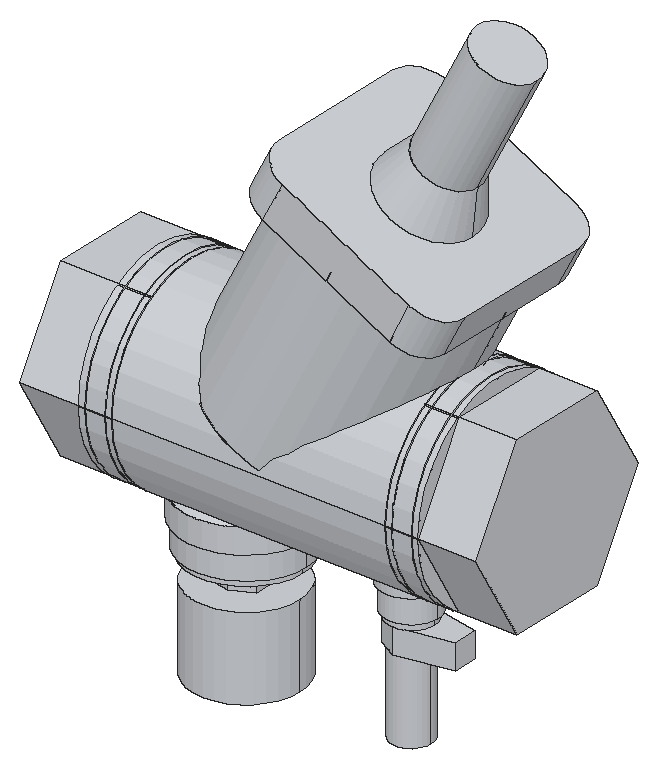
Revit family "Sigma_Compact_DN050_RFA_2019", category Pipe Accessories, Revit 2019
Family settings
  Round Connector Dimension = Use Diameter
  Part Type = Valve - Breaks Into
  Work Plane-Based = No
  Always vertical = Yes
  Cut with Voids When Loaded = No
  Shared = No
Parameters (values of type "Sigma Compact DN 50 s měřením")
  magiProductId = "620459ae7aa94407adeea4e77bc07b"
  magiProductFamilyId = "3fdb776034814e15a56dcfd1ac03e4"
  magiPartTypeId = 304
  isMeasuringValve [instance] = no
  ang2D [instance] = 0.00°
  Z6 = 39.3 mm
  Z5 = 91.7 mm
  Z4 = 78.6 mm
  Z3 = 13.1 mm
  Z2 = 65.5 mm
  XR2 = 37.5 mm
  XR1 = 25.5 mm
  W2D = 32 mm
  VersionID = "2.0/2018.12.13.2/FRESE_SIGMA_PLUG_Q13_001"
  Use Minimum Symbol Size [instance] = no
  URL = "www.hydronix.cz"
  Type Comments = "závitový; vnitřní závit; PN25; max dp=400kPa; -10~+120°C; max uzavírací tlak 1MPa"
  R4 = 15 mm
  R3 = 10 mm
  R2 = 30.5 mm
  R1 = 31.5 mm
  QmdConnectorList = "301;D;302;D"
  Productdata [instance] = ""
  NL__ve = -NL  # -27.6 mm
  NL = 27.6 mm
  Manufacturer = "Hydronix"
  MC Use Limits From Balancing Method = no
  MC Throttling Minimum Value = 0
  MC Throttling Maximum Value = 0
  MC Product Code = "53-2207 DN50 FF s měřením; (900-10350 l/h); kvs=20,3"
  MC Pressure Drop Minimum Value = 0.0 Pa
  MC Pressure Drop Maximum Value = 0.0 Pa
  MC Piping Given Pressure Drop [instance] = 0.0 Pa
  M5 = 51.4 mm
  M4 = 49.4 mm
  M3 = 43.4 mm
  M2 = 41.4 mm
  LP = 69 mm
  LM = 82.8 mm
  LL__ve = -LL  # -7.6 mm
  LLT__ve = -LLT  # -28.2 mm
  LLT = 28.2 mm
  LLL = 11 mm
  LL3 = 60 mm
  LL2 = 51 mm
  LL = 7.6 mm
  L3 = 25 mm
  L2D_Min = 30.48 mm
  L2D = 82.4 mm
  Description = "Automatický vyvažovací ventil"
  DR1 = no
  DR0 = yes
  DL2 = 85 mm
  D = 50 mm
  CenSd_R2_6 = R2 * cos(30.00°)  # 26.414 mm
  CAT0 = yes
  C0D1 = no
  C0D0 = yes
Types (3, lengths in mm): name | magiProductId | Z6 | Z5 | Z4 | Z3 | Z2 | NL__ve | NL | MC Product Code | M5 | M4 | M3 | M2 | LP | LM | LL__ve | LLT__ve | LLT | LL3 | LL2 | LL | DL2 | D
  Sigma Compact DN 32 s měřením | "7bc6b6dac0dd45edbe26d667b48f95" | 33 | 77 | 66 | 11 | 55 | -20.8 | 20.8 | "53-2206 DN32 FF s měřením; (200-5000 l/h); kvs=10,9" | 41.2 | 39.2 | 33.2 | 31.2 | 52 | 62.4 | -6.8 | -22.6 | 22.6 | 52 | 43 | 6.8 | 77 | 32
  Sigma Compact DN 40 s měřením | "4e1b5a17d6804847bd559f7e701d18" | 39.3 | 91.7 | 78.6 | 13.1 | 65.5 | -27.6 | 27.6 | "53-2206 DN40 FF s měřením; (719-7400 l/h); kvs=18,0" | 51.4 | 49.4 | 43.4 | 41.4 | 69 | 82.8 | -7 | -24 | 24 | 54 | 45 | 7 | 79 | 40
  Sigma Compact DN 50 s měřením | "620459ae7aa94407adeea4e77bc07b" | 39.3 | 91.7 | 78.6 | 13.1 | 65.5 | -27.6 | 27.6 | "53-2207 DN50 FF s měřením; (900-10350 l/h); kvs=20,3" | 51.4 | 49.4 | 43.4 | 41.4 | 69 | 82.8 | -7.6 | -28.2 | 28.2 | 60 | 51 | 7.6 | 85 | 50
Reference planes
  plane 1 "Center (Front/Back)": y = 0
  plane 2 "XYPLANE": z = 0
  plane 3 "Center (Left/Right)": x = 0
  plane 4 "408": x = 69
  plane 5 "407": x = -69
  plane 6 "404": z = -52.4
  plane 7 "403": z = -60
  plane 8 "402": z = -85
  plane 9 "213": x = -25
  plane 10 "168": z = -24.2
  plane 11 "167": z = -26.2
  plane 12 "166": z = -33.8
  plane 13 "165": z = -41.4
  plane 14 "164": z = -43.4
  plane 15 "154": z = 0
  plane 16 "152": y = 0
  plane 17 "151": z = -51
  plane 18 "150": x = 25
  plane 19 "75": through (307.08, 0, 685.28) normal (0.891, 0, -0.454)
  plane 20 "74": x = 51.4
  plane 21 "73": x = 49.4
  plane 22 "72": x = 43.4
  plane 23 "71": x = 41.4
  plane 24 "70": x = -51.4
  plane 25 "69": x = -49.4
  plane 26 "68": x = -43.4
  plane 27 "67": y = 0
  plane 28 "66": through (-666.893, 0, 343.166) normal (0.454, 0, 0.891)
  plane 29 "65": x = -41.4
  plane 30 "64": through (335.147, 0, 670.979) normal (0.891, 0, -0.454)
  plane 31 "63": through (-638.519, 0, 398.854) normal (0.454, 0, 0.891)
  plane 32 "62": through (363.214, 0, 656.678) normal (0.891, 0, -0.454)
  plane 33 "61": y = 31.5
  plane 34 "60": y = -31.5
  plane 35 "59": through (-632.571, 0, 410.526) normal (0.454, 0, 0.891)
  plane 36 "58": through (-626.624, 0, 422.198) normal (0.454, 0, 0.891)
  plane 37 "56": x = 0
  plane 38 "55": through (-668.255, 0, 340.493) normal (0.454, 0, 0.891)
  plane 39 "102XY": through (-668.255, 0, 340.493) normal (0.454, 0, 0.891)
  plane 40 "102XZ": y = 0
  plane 41 "102YZ": through (340.493, 0, 668.255) normal (0.891, 0, -0.454)
Forms (mm)
  Extrusion 1, solid
    sketch origin (69, -750, 0) x (0, 1, 0) y (0, 0, 1)
      loop
        line (780.5, 0) -> (765.25, 26.414) -> (734.75, 26.414) -> (719.5, 0) -> (734.75, -26.414) -> (765.25, -26.414) -> (780.5, 0)
    from 0 to -27.6 <- "NL__ve"
  Extrusion 2, solid
    sketch origin (-69, -750, 0) x (0, 1, 0) y (0, 0, 1)
      loop
        line (719.5, 0) -> (734.75, -26.414) -> (765.25, -26.414) -> (780.5, 0) -> (765.25, 26.414) -> (734.75, 26.414) -> (719.5, 0)
    from 0 to 27.6 <- "NL"
  Extrusion 3, solid, visible <- "C0D1"
    sketch origin (-750, 0, -85) x (1, 0, 0) y (0, 1, 0)
      loop
        circle (725, 0) r 17.2
    from 0 to 50
  Extrusion 4, solid, visible <- "DR1"
    sketch origin (-750, 0, -52.4) x (1, 0, 0) y (0, 1, 0)
      loop
        line (725, -8) -> (731.928, -4) -> (731.928, 4) -> (725, 8) -> (707.872, 4) -> (707.872, -4) -> (725, -8)
    from 0 to -7.6 <- "LL__ve"
  Extrusion 5, solid, visible <- "DR1"
    sketch origin (-750, 0, -52.4) x (1, 0, 0) y (0, 1, 0)
      loop
        circle (725, 0) r 18.2
    from 0 to 11 <- "LLL"
  Extrusion 6, solid, visible <- "DR1"
    sketch origin (-750, 0, -41.4) x (1, 0, 0) y (0, 1, 0)
      loop
        circle (725, 0) r 19.2
    from 0 to 7.6 <- "LL"
  Extrusion 7, solid, visible <- "DR1"
    sketch origin (-750, 0, -33.8) x (1, 0, 0) y (0, 1, 0)
      loop
        circle (725, 0) r 20.2
    from 0 to 7.6 <- "LL"
  Blend 8, solid, visible <- "DR1"
    base sketch origin (-750, 0, -24.2) x (1, 0, 0) y (0, 1, 0)
      loop
        circle (725, 0) r 17.7
    top sketch origin (-750, 0, -24.2) x (1, 0, 0) y (0, 1, 0)
      loop
        circle (725, 0) r 20.2
    from 0 to -2
  Extrusion 9, solid, visible <- "DR1"
    sketch origin (-750, 0, 0) x (1, 0, 0) y (0, 1, 0)
      loop
        circle (725, 0) r 17.7
    from 0 to -28.2 <- "LLT__ve"
  Extrusion 10, solid, visible <- "C0D0"
    sketch origin (-750, 0, -51) x (1, 0, 0) y (0, 1, 0)
      loop
        circle (725, 0) r 16.2
    from 0 to -25
  Extrusion 11, solid, visible <- "DR0"
    sketch origin (-750, 0, -43.4) x (1, 0, 0) y (0, 1, 0)
      loop
        line (725, -7) -> (731.062, -3.5) -> (731.062, 3.5) -> (725, 7) -> (708.738, 3.5) -> (708.738, -3.5) -> (725, -7)
    from 0 to -7.6 <- "LL__ve"
  Extrusion 12, solid, visible <- "DR0"
    sketch origin (-750, 0, -43.4) x (1, 0, 0) y (0, 1, 0)
      loop
        circle (725, 0) r 17.2
    from 0 to 2
  Extrusion 13, solid, visible <- "DR0"
    sketch origin (-750, 0, -33.8) x (1, 0, 0) y (0, 1, 0)
      loop
        circle (725, 0) r 19.2
    from 0 to 7.6 <- "LL"
  Blend 14, solid, visible <- "DR0"
    base sketch origin (-750, 0, -24.2) x (1, 0, 0) y (0, 1, 0)
      loop
        circle (725, 0) r 16.7
    top sketch origin (-750, 0, -24.2) x (1, 0, 0) y (0, 1, 0)
      loop
        circle (725, 0) r 19.2
    from 0 to -2
  Extrusion 15, solid, visible <- "DR0"
    sketch origin (-750, 0, 0) x (1, 0, 0) y (0, 1, 0)
      loop
        circle (725, 0) r 16.7
    from 0 to -28.2 <- "LLT__ve"
  Extrusion 16, solid, visible <- "DR0"
    sketch origin (-750, 0, 0) x (1, 0, 0) y (0, 1, 0)
      loop
        circle (725, 0) r 16.7
    from 0 to -28.2 <- "LLT__ve"
  Blend 17, solid, visible <- "DR0"
    base sketch origin (-750, 0, -24.2) x (1, 0, 0) y (0, 1, 0)
      loop
        circle (725, 0) r 16.7
    top sketch origin (-750, 0, -24.2) x (1, 0, 0) y (0, 1, 0)
      loop
        circle (725, 0) r 19.2
    from 0 to -2
  Extrusion 18, solid, visible <- "DR0"
    sketch origin (-750, 0, -33.8) x (1, 0, 0) y (0, 1, 0)
      loop
        circle (725, 0) r 19.2
    from 0 to 7.6 <- "LL"
  Extrusion 19, solid, visible <- "DR0"
    sketch origin (-750, 0, -41.4) x (1, 0, 0) y (0, 1, 0)
      loop
        circle (725, 0) r 18.2
    from 0 to 7.6 <- "LL"
  Extrusion 20, solid, visible <- "DR0"
    sketch origin (-750, 0, -43.4) x (1, 0, 0) y (0, 1, 0)
      loop
        circle (725, 0) r 17.2
    from 0 to 2
  Extrusion 21, solid, visible <- "DR0"
    sketch origin (-750, 0, -43.4) x (1, 0, 0) y (0, 1, 0)
      loop
        line (725, -7) -> (731.062, -3.5) -> (731.062, 3.5) -> (725, 7) -> (708.738, 3.5) -> (708.738, -3.5) -> (725, -7)
    from 0 to -7.6 <- "LL__ve"
  Extrusion 22, solid, visible <- "C0D0"
    sketch origin (-750, 0, -51) x (1, 0, 0) y (0, 1, 0)
      loop
        circle (725, 0) r 16.2
    from 0 to -25
  Extrusion 23, solid, visible <- "CAT0"
    sketch origin (-750, 0, -51) x (1, 0, 0) y (0, 1, 0)
      loop
        circle (775, 0) r 6
    from 0 to -25
  Extrusion 24, solid
    sketch origin (-750, 0, -43.4) x (1, 0, 0) y (0, 1, 0)
      loop
        line (775, -7) -> (791.262, -3.5) -> (791.262, 3.5) -> (775, 7) -> (768.938, 3.5) -> (768.938, -3.5) -> (775, -7)
    from 0 to -7.6 <- "LL__ve"
  Extrusion 25, solid
    sketch origin (-750, 0, -43.4) x (1, 0, 0) y (0, 1, 0)
      loop
        circle (775, 0) r 7
    from 0 to 2
  Extrusion 26, solid
    sketch origin (-750, 0, -41.4) x (1, 0, 0) y (0, 1, 0)
      loop
        circle (775, 0) r 8
    from 0 to 7.6 <- "LL"
  Extrusion 27, solid
    sketch origin (-750, 0, -33.8) x (1, 0, 0) y (0, 1, 0)
      loop
        circle (775, 0) r 9
    from 0 to 7.6 <- "LL"
  Blend 28, solid
    base sketch origin (-750, 0, -24.2) x (1, 0, 0) y (0, 1, 0)
      loop
        circle (775, 0) r 6.5
    top sketch origin (-750, 0, -24.2) x (1, 0, 0) y (0, 1, 0)
      loop
        circle (775, 0) r 9
    from 0 to -2
  Extrusion 29, solid
    sketch origin (-750, 0, 0) x (1, 0, 0) y (0, 1, 0)
      loop
        circle (775, 0) r 6.5
    from 0 to -28.2 <- "LLT__ve"
  Blend 30, solid, visible <- "CAT0"
    base sketch origin (49.4, -750, 0) x (0, 1, 0) y (0, 0, 1)
      loop
        circle (750, 0) r 30.5
    top sketch origin (49.4, -750, 0) x (0, 1, 0) y (0, 0, 1)
      loop
        circle (750, 0) r 30.5
    from 0 to 2
  Extrusion 31, solid, visible <- "CAT0"
    sketch origin (43.4, -750, 0) x (0, 1, 0) y (0, 0, 1)
      loop
        circle (750, 0) r 30.5
    from 0 to 6
  Blend 32, solid, visible <- "CAT0"
    base sketch origin (41.4, -750, 0) x (0, 1, 0) y (0, 0, 1)
      loop
        circle (750, 0) r 30.5
    top sketch origin (41.4, -750, 0) x (0, 1, 0) y (0, 0, 1)
      loop
        circle (750, 0) r 30.5
    from 0 to 2
  Blend 33, solid, visible <- "CAT0"
    base sketch origin (-49.4, -750, 0) x (0, 1, 0) y (0, 0, 1)
      loop
        circle (750, 0) r 30.5
    top sketch origin (-49.4, -750, 0) x (0, 1, 0) y (0, 0, 1)
      loop
        circle (750, 0) r 30.5
    from 0 to -2
  Extrusion 34, solid, visible <- "CAT0"
    sketch origin (-49.4, -750, 0) x (0, 1, 0) y (0, 0, 1)
      loop
        circle (750, 0) r 30.5
    from 0 to 6
  Blend 35, solid, visible <- "CAT0"
    base sketch origin (-43.4, -750, 0) x (0, 1, 0) y (0, 0, 1)
      loop
        circle (750, 0) r 30.5
    top sketch origin (-43.4, -750, 0) x (0, 1, 0) y (0, 0, 1)
      loop
        circle (750, 0) r 30.5
    from 0 to 2
  Extrusion 36, solid, visible <- "CAT0"
    sketch origin (-41.4, -750, 0) x (0, 1, 0) y (0, 0, 1)
      loop
        circle (750, 0) r 30.5
    from 0 to 82.8 <- "LM"
  Extrusion 37, solid, visible <- "CAT0"
    sketch origin (-666.893, 0, 343.166) x (0.891007, 0, -0.45399) y (0, 1, 0)
      loop
        circle (744, 0) r 31.5
    from 0 to 65.5 <- "Z2"
  Extrusion 38, solid, visible <- "CAT0"
    sketch origin (-638.519, 0, 398.854) x (0.891007, 0, -0.45399) y (0, 1, 0)
      loop
        arc (722.5, 31.5) -> (715.429, 28.571) -> (712.5, 21.5) r 10
        line (712.5, 21.5) -> (712.5, -21.5)
        arc (712.5, -21.5) -> (715.429, -28.571) -> (722.5, -31.5) r 10
        line (722.5, -31.5) -> (765.5, -31.5)
        arc (765.5, -31.5) -> (772.571, -28.571) -> (775.5, -21.5) r 10
        line (775.5, -21.5) -> (775.5, 21.5)
        arc (775.5, 21.5) -> (772.571, 28.571) -> (765.5, 31.5) r 10
        line (765.5, 31.5) -> (722.5, 31.5)
    from 0 to 13.1 <- "Z3"
  Blend 39, solid, visible <- "CAT0"
    base sketch origin (-632.571, 0, 410.526) x (0.891007, 0, -0.45399) y (0, 1, 0)
      loop
        circle (744, 0) r 15
    top sketch origin (-632.571, 0, 410.526) x (0.891007, 0, -0.45399) y (0, 1, 0)
      loop
        circle (744, 0) r 10
    from 0 to 13.1
  Extrusion 40, solid, visible <- "CAT0"
    sketch origin (-626.624, 0, 422.198) x (0.891007, 0, -0.45399) y (0, 1, 0)
      loop
        circle (744, 0) r 10
    from 0 to 39.3 <- "Z6"
  Blend 41, solid, visible <- "CAT0"
    base sketch origin (-668.255, 0, 340.493) x (0.891007, 0, -0.45399) y (0, 1, 0)
      loop
        circle (744, 0) r 15
    top sketch origin (-668.255, 0, 340.493) x (0.891007, 0, -0.45399) y (0, 1, 0)
      loop
        circle (744, 0) r 31.5
    from 0 to 3
  Extrusion 42, solid, not visible
    sketch origin (-51.4, -750, 0) x (0, 1, 0) y (0, 0, 1)
      loop
        circle (750, 0) r 10
    from 0 to 10
  Extrusion 43, solid, not visible
    sketch origin (51.4, -750, 0) x (0, 1, 0) y (0, 0, 1)
      loop
        circle (750, 0) r 10
    from 0 to -10
Lines and regions (mm)
  reference lines, not visible
    curve 1: circle (2, 2, 0) r 1 normal (0, 0, 1)
  reference lines
    curve 2: line (69, 0, 0) -> (69, -7.625, 13.207)
    curve 3: line (69, 0, 0) -> (69, -15.25, 0)
    curve 4: line (69, 0, 0) -> (69, -7.625, -13.207)
    curve 5: line (-69, 0, 0) -> (-69, 7.625, 13.207)
    curve 6: line (-69, 0, 0) -> (-69, 15.25, 0)
    curve 7: line (-69, 0, 0) -> (-69, 7.625, -13.207)
Dimensions and locks
  plane 1 "Center (Front/Back)" to curve 1 = 2 mm
  "LP": plane 37 "56" to plane 4 "408"
  "LP": plane 37 "56" to plane 5 "407"
  "LL": plane 7 "403" to plane 6 "404"
  "LL3": plane 2 "XYPLANE" to plane 7 "403"
  "DL2": plane 2 "XYPLANE" to plane 8 "402"
  "L3": plane 3 "Center (Left/Right)" to plane 9 "213"
  locked: plane 11 "167" to plane 10 "168" at 2
  "LL": plane 12 "166" to plane 11 "167"
  "LL": plane 13 "165" to plane 12 "166"
  locked: plane 14 "164" to plane 13 "165" at 2
  "LL": plane 17 "151" to plane 14 "164"
  locked: plane 2 "XYPLANE" to plane 15 "154"
  locked: plane 1 "Center (Front/Back)" to plane 16 "152"
  "LL2": plane 2 "XYPLANE" to plane 17 "151"
  "L3": plane 3 "Center (Left/Right)" to plane 18 "150"
  "XR2": plane 41 "102YZ" to plane 19 "75"
  "M5": plane 3 "Center (Left/Right)" to plane 20 "74"
  "M4": plane 3 "Center (Left/Right)" to plane 21 "73"
  "M3": plane 3 "Center (Left/Right)" to plane 22 "72"
  "M2": plane 3 "Center (Left/Right)" to plane 23 "71"
  "M5": plane 3 "Center (Left/Right)" to plane 24 "70"
  "M4": plane 3 "Center (Left/Right)" to plane 25 "69"
  "M3": plane 3 "Center (Left/Right)" to plane 26 "68"
  locked: plane 16 "152" to plane 27 "67"
  locked: plane 39 "102XY" to plane 28 "66" at 3
  "M2": plane 3 "Center (Left/Right)" to plane 29 "65"
  locked: plane 41 "102YZ" to plane 30 "64" at 6
  "Z2": plane 39 "102XY" to plane 31 "63"
  "XR1": plane 41 "102YZ" to plane 32 "62"
  "R1": plane 16 "152" to plane 33 "61"
  "R1": plane 16 "152" to plane 34 "60"
  "Z4": plane 39 "102XY" to plane 35 "59"
  "Z5": plane 39 "102XY" to plane 36 "58"
  locked: plane 3 "Center (Left/Right)" to plane 37 "56"
  locked: plane 39 "102XY" to plane 38 "55"
  "CenSd_R2_6": curve 2 to Extrusion 1 sketch curve  (x2)
  "CenSd_R2_6": curve 3 to Extrusion 1 sketch curve  (x2)
  "CenSd_R2_6": curve 4 to Extrusion 1 sketch curve  (x2)
  Extrusion 1 sketch curve to Extrusion 1 sketch curve = 0 mm  (x12)
  "CenSd_R2_6": curve 5 to Extrusion 2 sketch curve  (x2)
  "CenSd_R2_6": curve 6 to Extrusion 2 sketch curve  (x2)
  "CenSd_R2_6": curve 7 to Extrusion 2 sketch curve  (x2)
  Extrusion 2 sketch curve to Extrusion 2 sketch curve = 0 mm  (x12)
  Extrusion 4 sketch curve to Extrusion 4 sketch curve = 0 mm  (x12)
  Extrusion 11 sketch curve to Extrusion 11 sketch curve = 0 mm  (x12)
  Extrusion 21 sketch curve to Extrusion 21 sketch curve = 0 mm  (x12)
  Extrusion 24 sketch curve to Extrusion 24 sketch curve = 0 mm  (x12)
  Extrusion 38 sketch curve to Extrusion 38 sketch curve = 0 mm  (x16)
  "R2": radius of Blend 30 sketch curve  (x2)
  "R2": radius of Extrusion 31 sketch curve
  "R2": radius of Blend 32 sketch curve  (x2)
  "R2": radius of Blend 33 sketch curve  (x2)
  "R2": radius of Extrusion 34 sketch curve
  "R2": radius of Blend 35 sketch curve  (x2)
  "R2": radius of Extrusion 36 sketch curve
  "R1": radius of Extrusion 37 sketch curve
  radius of Extrusion 38 sketch curve = 10 mm  (x4)
  "R3": radius of Blend 39 sketch curve
  "R4": radius of Blend 39 sketch curve
  "R3": radius of Extrusion 40 sketch curve
  "R1": radius of Blend 41 sketch curve
  locked: curve 3 to curve 2 (angle 60.00°)
  locked: curve 4 to curve 3 (angle 60.00°)
  locked: curve 4 to curve 2 (angle 120.00°)
  locked: curve 6 to curve 5 (angle 60.00°)
  locked: curve 7 to curve 6 (angle 60.00°)
  locked: curve 7 to curve 5 (angle 120.00°)
  aligned and locked: level to plane 2 "XYPLANE"
  aligned and locked: plane 15 "154" to curve 4
  aligned and locked: curve 4 to plane 16 "152"
  aligned and locked: plane 15 "154" to curve 7
  aligned and locked: curve 7 to plane 16 "152"
  aligned and locked: plane 9 "213" to Extrusion 3 sketch curve
  aligned and locked: plane 16 "152" to Extrusion 3 sketch curve
  aligned and locked: plane 9 "213" to Extrusion 5 sketch curve
  aligned and locked: plane 16 "152" to Extrusion 5 sketch curve
  aligned and locked: plane 9 "213" to Extrusion 6 sketch curve
  aligned and locked: plane 16 "152" to Extrusion 6 sketch curve
  aligned and locked: plane 9 "213" to Extrusion 7 sketch curve
  aligned and locked: plane 16 "152" to Extrusion 7 sketch curve
  aligned and locked: plane 9 "213" to Blend 8 sketch curve  (x2)
  aligned and locked: plane 16 "152" to Blend 8 sketch curve  (x2)
  aligned and locked: Blend 8 to plane 11 "167"
  aligned and locked: plane 9 "213" to Extrusion 9 sketch curve
  aligned and locked: plane 16 "152" to Extrusion 9 sketch curve
  aligned and locked: plane 9 "213" to Extrusion 10 sketch curve
  aligned and locked: plane 16 "152" to Extrusion 10 sketch curve
  aligned and locked: plane 9 "213" to Extrusion 12 sketch curve
  aligned and locked: plane 16 "152" to Extrusion 12 sketch curve
  aligned and locked: plane 9 "213" to Extrusion 13 sketch curve
  aligned and locked: plane 16 "152" to Extrusion 13 sketch curve
  aligned and locked: plane 9 "213" to Blend 14 sketch curve  (x2)
  aligned and locked: plane 16 "152" to Blend 14 sketch curve  (x2)
  aligned and locked: Blend 14 to plane 11 "167"
  aligned and locked: plane 9 "213" to Extrusion 15 sketch curve
  aligned and locked: plane 16 "152" to Extrusion 15 sketch curve
  aligned and locked: plane 9 "213" to Extrusion 16 sketch curve
  aligned and locked: plane 16 "152" to Extrusion 16 sketch curve
  aligned and locked: plane 9 "213" to Blend 17 sketch curve  (x2)
  aligned and locked: plane 16 "152" to Blend 17 sketch curve  (x2)
  aligned and locked: Blend 17 to plane 11 "167"
  aligned and locked: plane 9 "213" to Extrusion 18 sketch curve
  aligned and locked: plane 16 "152" to Extrusion 18 sketch curve
  aligned and locked: plane 9 "213" to Extrusion 19 sketch curve
  aligned and locked: plane 16 "152" to Extrusion 19 sketch curve
  aligned and locked: plane 9 "213" to Extrusion 20 sketch curve
  aligned and locked: plane 16 "152" to Extrusion 20 sketch curve
  aligned and locked: plane 9 "213" to Extrusion 22 sketch curve
  aligned and locked: plane 16 "152" to Extrusion 22 sketch curve
  aligned and locked: plane 16 "152" to Extrusion 23 sketch curve
  aligned and locked: plane 18 "150" to Extrusion 23 sketch curve
  aligned and locked: plane 16 "152" to Extrusion 25 sketch curve
  aligned and locked: plane 18 "150" to Extrusion 25 sketch curve
  aligned and locked: plane 16 "152" to Extrusion 26 sketch curve
  aligned and locked: plane 18 "150" to Extrusion 26 sketch curve
  aligned and locked: plane 16 "152" to Extrusion 27 sketch curve
  aligned and locked: plane 18 "150" to Extrusion 27 sketch curve
  aligned and locked: plane 16 "152" to Blend 28 sketch curve  (x2)
  aligned and locked: plane 18 "150" to Blend 28 sketch curve  (x2)
  aligned and locked: Blend 28 to plane 11 "167"
  aligned and locked: plane 16 "152" to Extrusion 29 sketch curve
  aligned and locked: plane 18 "150" to Extrusion 29 sketch curve
  aligned and locked: plane 15 "154" to Blend 30 sketch curve  (x2)
  aligned and locked: Blend 30 sketch curve to plane 16 "152"  (x2)
  aligned and locked: plane 20 "74" to Blend 30
  aligned and locked: plane 15 "154" to Extrusion 31 sketch curve
  aligned and locked: Extrusion 31 sketch curve to plane 16 "152"
  aligned and locked: plane 15 "154" to Blend 32 sketch curve  (x2)
  aligned and locked: Blend 32 sketch curve to plane 16 "152"  (x2)
  aligned and locked: plane 22 "72" to Blend 32
  aligned and locked: plane 15 "154" to Blend 33 sketch curve  (x2)
  aligned and locked: Blend 33 sketch curve to plane 16 "152"  (x2)
  aligned and locked: Blend 33 to plane 24 "70"
  aligned and locked: plane 15 "154" to Extrusion 34 sketch curve
  aligned and locked: Extrusion 34 sketch curve to plane 16 "152"
  aligned and locked: plane 15 "154" to Blend 35 sketch curve  (x2)
  aligned and locked: Blend 35 sketch curve to plane 16 "152"  (x2)
  aligned and locked: plane 29 "65" to Blend 35
  aligned and locked: plane 15 "154" to Extrusion 36 sketch curve
  aligned and locked: Extrusion 36 sketch curve to plane 16 "152"
  aligned and locked: plane 27 "67" to Extrusion 37 sketch curve
  aligned and locked: Extrusion 37 sketch curve to plane 30 "64"
  aligned and locked: Extrusion 38 sketch curve to plane 19 "75"
  aligned and locked: Extrusion 38 sketch curve to plane 34 "60"
  aligned and locked: Extrusion 38 sketch curve to plane 32 "62"
  aligned and locked: plane 33 "61" to Extrusion 38 sketch curve
  aligned and locked: plane 27 "67" to Blend 39 sketch curve  (x2)
  aligned and locked: Blend 39 sketch curve to plane 30 "64"  (x2)
  aligned and locked: plane 36 "58" to Blend 39
  aligned and locked: plane 27 "67" to Extrusion 40 sketch curve
  aligned and locked: Extrusion 40 sketch curve to plane 30 "64"
  aligned and locked: plane 27 "67" to Blend 41 sketch curve  (x2)
  aligned and locked: Blend 41 sketch curve to plane 30 "64"  (x2)
  aligned and locked: plane 28 "66" to Blend 41
  aligned and locked: plane 15 "154" to Extrusion 42 sketch curve
  aligned and locked: Extrusion 42 sketch curve to plane 16 "152"
  aligned and locked: plane 15 "154" to Extrusion 43 sketch curve
  aligned and locked: Extrusion 43 sketch curve to plane 16 "152"
Automatic sketch dimensions
  Extrusion 3 sketch curve to plane 29 "65" = 0.8 mm
  Extrusion 4 sketch curve to plane 9 "213" = 0 mm  (x2)
  Extrusion 4 sketch curve to plane 29 "65" = 0.728 mm
  plane 9 "213" to Extrusion 4 sketch curve = 6.928 mm
  plane 1 "Center (Front/Back)" to Extrusion 4 sketch curve = 8 mm
  plane 1 "Center (Front/Back)" to Extrusion 4 sketch curve = 4 mm  (x2)
  Extrusion 4 sketch curve to plane 1 "Center (Front/Back)" = 4 mm  (x2)
  Extrusion 4 sketch curve to plane 1 "Center (Front/Back)" = 8 mm
  plane 26 "68" to Extrusion 5 sketch curve = 0.2 mm
  Extrusion 6 sketch curve to plane 26 "68" = 0.8 mm
  Extrusion 7 sketch curve to plane 26 "68" = 1.8 mm
  plane 26 "68" to Blend 8 sketch curve = 0.7 mm
  Blend 8 sketch curve to plane 26 "68" = 1.8 mm
  plane 26 "68" to Extrusion 9 sketch curve = 0.7 mm
  plane 29 "65" to Extrusion 10 sketch curve = 0.2 mm
  Extrusion 11 sketch curve to plane 9 "213" = 0 mm  (x2)
  plane 29 "65" to Extrusion 11 sketch curve = 0.138 mm
  plane 9 "213" to Extrusion 11 sketch curve = 6.062 mm
  plane 1 "Center (Front/Back)" to Extrusion 11 sketch curve = 7 mm
  plane 1 "Center (Front/Back)" to Extrusion 11 sketch curve = 3.5 mm  (x2)
  Extrusion 11 sketch curve to plane 1 "Center (Front/Back)" = 3.5 mm  (x2)
  Extrusion 11 sketch curve to Extrusion 11 sketch curve = 3.5 mm
  Extrusion 12 sketch curve to plane 29 "65" = 0.8 mm
  Extrusion 13 sketch curve to plane 26 "68" = 0.8 mm
  Blend 14 sketch curve to plane 29 "65" = 0.3 mm
  Blend 14 sketch curve to plane 26 "68" = 0.8 mm
  Extrusion 15 sketch curve to plane 29 "65" = 0.3 mm
  Extrusion 16 sketch curve to plane 29 "65" = 0.3 mm
  Blend 17 sketch curve to plane 29 "65" = 0.3 mm
  Blend 17 sketch curve to plane 26 "68" = 0.8 mm
  Extrusion 18 sketch curve to plane 26 "68" = 0.8 mm
  plane 26 "68" to Extrusion 19 sketch curve = 0.2 mm
  Extrusion 20 sketch curve to plane 29 "65" = 0.8 mm
  Extrusion 21 sketch curve to plane 9 "213" = 0 mm  (x2)
  plane 29 "65" to Extrusion 21 sketch curve = 0.138 mm
  plane 9 "213" to Extrusion 21 sketch curve = 6.062 mm
  plane 1 "Center (Front/Back)" to Extrusion 21 sketch curve = 7 mm
  plane 1 "Center (Front/Back)" to Extrusion 21 sketch curve = 3.5 mm  (x2)
  Extrusion 21 sketch curve to plane 1 "Center (Front/Back)" = 3.5 mm  (x2)
  Extrusion 21 sketch curve to Extrusion 21 sketch curve = 3.5 mm
  plane 29 "65" to Extrusion 22 sketch curve = 0.2 mm
  Extrusion 23 sketch curve to plane 18 "150" = 6 mm
  Extrusion 24 sketch curve to plane 18 "150" = 0 mm  (x2)
  Extrusion 24 sketch curve to plane 18 "150" = 6.062 mm
  Extrusion 24 sketch curve to plane 23 "71" = 0.138 mm
  plane 1 "Center (Front/Back)" to Extrusion 24 sketch curve = 7 mm
  plane 1 "Center (Front/Back)" to Extrusion 24 sketch curve = 3.5 mm  (x2)
  Extrusion 24 sketch curve to plane 1 "Center (Front/Back)" = 3.5 mm  (x2)
  Extrusion 24 sketch curve to Extrusion 24 sketch curve = 3.5 mm
  Extrusion 25 sketch curve to plane 18 "150" = 7 mm
  Extrusion 26 sketch curve to plane 18 "150" = 8 mm
  Extrusion 27 sketch curve to Extrusion 27 sketch curve = 9 mm
  Blend 28 sketch curve to plane 18 "150" = 6.5 mm
  Blend 28 sketch curve to Blend 28 sketch curve = 9 mm
  Extrusion 29 sketch curve to plane 18 "150" = 6.5 mm
  Blend 41 sketch curve to Blend 41 sketch curve = 15 mm
  plane 1 "Center (Front/Back)" to Extrusion 42 sketch curve = 10 mm
  plane 1 "Center (Front/Back)" to Extrusion 43 sketch curve = 10 mm
  plane 3 "Center (Left/Right)" to curve 1 = 2 mm
  radius of curve 1 = 1 mm
Connectors
  piping at (-51.4, 0, 0), diameter 50, driven by "D"
    settings: on Extrusion 42, index 1, connector inside diameter 609.6 mm, connector length 0 mm, flow factor 0, pipe flow 0.0 L/s, pressure drop 0.0 Pa, fitting loss kfactor 0, connector angle 0.00°, fixture units 0, engagement length 0 mm, angle of deflection 0.00°, flow configuration 0, flow direction 0, fitting loss method 0, system type 29, joint type 0, gender type 0, connector reference index 2, connector utility 0, adjustable connector no, is connector primary yes, connector description ""
  piping at (51.4, 0, 0), diameter 50, driven by "D"
    settings: on Extrusion 43, index 2, connector inside diameter 609.6 mm, connector length 0 mm, flow factor 0, pipe flow 0.0 L/s, pressure drop 0.0 Pa, fitting loss kfactor 0, connector angle 0.00°, fixture units 0, engagement length 0 mm, angle of deflection 0.00°, flow configuration 0, flow direction 0, fitting loss method 0, system type 29, joint type 0, gender type 0, connector reference index 1, connector utility 0, adjustable connector no, is connector primary no, connector description ""
